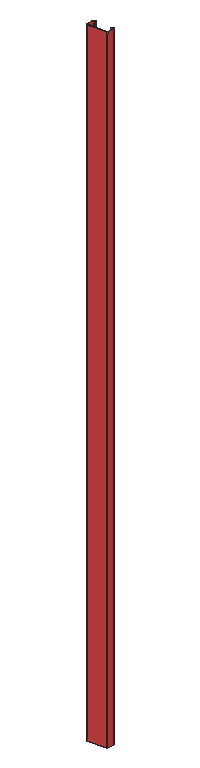
Revit family "CC column", category Structural Columns, Revit 2020
Family settings
  Section Shape = Not Defined
  Material for Model Behavior = Steel
  Always export as geometry = No
  Beam cutback in plan = From bounding box
  OmniClass Number = 23.25.30.11.14.11
  OmniClass Title = Columns
  Cut with Voids When Loaded = No
  Symbolic Representation = From Project Settings
  Shared = No
  Show family pre-cut in plan views = Yes
Parameters (values of type "CC 27")
  t1 = 1.20 mm
  W = 0
  Structural Material [instance] = Metal - Light Gauge RED
  Assembly Code = "B10"
  B = 90.00 mm
  D = 35.00 mm
  d = 11.00 mm
  A = 0.00 in²
Types (43, lengths in mm): name | t1 | B | D | d
  CC 18 | 1.20 | 90.00 | 35.00 | 11.00
  CC 20 | 1.20 | 90.00 | 35.00 | 11.00
  CC 24 | 1.20 | 90.00 | 35.00 | 11.00
  CC 44 | 1.20 | 90.00 | 35.00 | 11.00
  CC 21 | 1.20 | 90.00 | 35.00 | 11.00
  CC 17 | 1.20 | 90.00 | 35.00 | 11.00
  CC 26 | 1.20 | 90.00 | 35.00 | 11.00
  CC 30 | 1.20 | 90.00 | 35.00 | 11.00
  CC 25 | 1.20 | 90.00 | 35.00 | 11.00
  CC 34 | 1.20 | 90.00 | 35.00 | 11.00
  CC 35 | 1.20 | 90.00 | 35.00 | 11.00
  CC 38 | 1.20 | 90.00 | 35.00 | 11.00
  CC 39 | 1.20 | 90.00 | 35.00 | 11.00
  CC 31 | 1.20 | 90.00 | 35.00 | 11.00
  CC 33 | 1.20 | 90.00 | 35.00 | 11.00
  CC 1 | 2.00 | 150.00 | 75.00 | 20.00
  CC 5 | 2.00 | 150.00 | 75.00 | 20.00
  CC 9 | 2.00 | 150.00 | 75.00 | 20.00
  CC 11 | 2.00 | 150.00 | 75.00 | 20.00
  CC 14 | 2.00 | 150.00 | 75.00 | 20.00
  CC 15 | 2.00 | 150.00 | 75.00 | 20.00
  CC 40 | 2.00 | 150.00 | 75.00 | 20.00
  CC 42 | 2.00 | 150.00 | 75.00 | 20.00
  CC 41 | 2.00 | 150.00 | 75.00 | 20.00
  CC 7 | 1.20 | 220.00 | 75.00 | 20.00
  CC 29 | 1.20 | 90.00 | 35.00 | 11.00
  CC 32 | 1.20 | 90.00 | 35.00 | 11.00
  CC 43 | 1.20 | 230.00 | 75.00 | 20.00
  CC 2 | 2.00 | 150.00 | 75.00 | 20.00
  CC 4 | 2.00 | 150.00 | 75.00 | 20.00
  CC 8 | 2.00 | 150.00 | 75.00 | 20.00
  CC 22 | 1.20 | 90.00 | 35.00 | 11.00
  CC 6 | 2.00 | 150.00 | 75.00 | 20.00
  CC 10 | 2.00 | 150.00 | 75.00 | 20.00
  CC 16 | 2.00 | 150.00 | 75.00 | 20.00
  CC 23 | 1.20 | 90.00 | 35.00 | 11.00
  CC 12 | 2.00 | 150.00 | 75.00 | 20.00
  CC 3 | 1.20 | 50.00 | 35.00 | 11.00
  CC 19 | 1.20 | 90.00 | 35.00 | 11.00
  CC 36 | 1.20 | 90.00 | 35.00 | 11.00
  CC 37 | 1.20 | 90.00 | 35.00 | 11.00
  CC 28 | 1.20 | 90.00 | 35.00 | 11.00
  CC 27 | 1.20 | 90.00 | 35.00 | 11.00
Reference planes
  plane 1 "Center (Front/Back)": y = 0
  plane 2: z = 0
  plane 3 "Center (Left/Right)": x = 0
  plane 4 "Right": x = 45
  plane 5: y = 35
  plane 6: x = -34
  plane 7: x = 34
  plane 8 "Insertion(Left/Right)": x = 0
  plane 9 "2": x = -45
  plane 10: y = 0
Forms (mm)
  Extrusion 1, solid, material "Metal - Light Gauge RED" <- "Structural Material", detail levels medium
    sketch origin (-45, -20.637, 0) x (1, 0, 0) y (0, 1, 0)
      loop
        line (1.2, 54.438) -> (11, 54.438) -> (11, 55.638) -> (0, 55.638) -> (0, 20.638) -> (90, 20.638) -> (90, 55.638) -> (79, 55.638) -> (79, 54.438) -> (88.8, 54.438) -> (88.8, 21.838) -> (1.2, 21.838) -> (1.2, 54.438)
    from 0 to 2743.2
  Extrusion 2, solid, material "Metal - Light Gauge RED" <- "Structural Material", detail levels fine
    sketch origin (-45, -20.637, 0) x (1, 0, 0) y (0, 1, 0)
      loop
        arc (1.2, 52.85) -> (1.665, 53.973) -> (2.787, 54.438) r 1.588
        line (2.787, 54.438) -> (11, 54.438) -> (11, 55.638) -> (2.787, 55.638)
        arc (2.787, 55.638) -> (0.816, 54.821) -> (0, 52.85) r 2.788
        line (0, 52.85) -> (0, 23.425)
        arc (0, 23.425) -> (0.816, 21.454) -> (2.787, 20.638) r 2.787
        line (2.787, 20.638) -> (87.212, 20.638)
        arc (87.212, 20.638) -> (89.184, 21.454) -> (90, 23.425) r 2.787
        line (90, 23.425) -> (90, 52.85)
        arc (90, 52.85) -> (89.184, 54.821) -> (87.212, 55.638) r 2.788
        line (87.212, 55.638) -> (79, 55.638) -> (79, 54.438) -> (87.212, 54.438)
        arc (87.212, 54.438) -> (88.335, 53.973) -> (88.8, 52.85) r 1.588
        line (88.8, 52.85) -> (88.8, 23.425)
        arc (88.8, 23.425) -> (88.335, 22.302) -> (87.212, 21.838) r 1.588
        line (87.212, 21.838) -> (2.787, 21.838)
        arc (2.787, 21.838) -> (1.665, 22.302) -> (1.2, 23.425) r 1.587
        line (1.2, 23.425) -> (1.2, 52.85)
    from 0 to 2743.2
Lines and regions (mm)
  symbolic lines, style "Hidden Faces", detail levels medium+fine
    curve 1: line (1.2, 33.8, 2743.2) -> (1.2, 33.8, 0)
    curve 2: line (1.2, 1.2, 2743.2) -> (1.2, 1.2, 0)
    curve 3: line (1.2, 0, 2743.2) -> (1.2, 0, 0)
    curve 4: line (11, 0, 2743.2) -> (11, 0, 0)
    curve 5: line (88.8, 0, 2743.2) -> (88.8, 0, 0)
    curve 6: line (79, 0, 2743.2) -> (79, 0, 0)
  symbolic lines, style "StructuralColumnStickSymbols", detail levels coarse
    curve 7: line (-45, 0, 0) -> (-45, 35, 0)
    curve 8: line (-45, 0, 0) -> (45, 0, 0)
    curve 9: line (45, 0, 0) -> (45, 35, 0)
    curve 10: line (45, 35, 0) -> (34, 35, 0)
    curve 11: line (-45, 35, 0) -> (-34, 35, 0)
Dimensions and locks
  "t1": Extrusion 1 sketch curve to Extrusion 1 sketch curve  (x5)
  "t1": Extrusion 2 sketch curve to Extrusion 2 sketch curve  (x5)
  "d": plane 9 "2" to plane 6
  "d": plane 7 to plane 4 "Right"
  "B": plane 9 "2" to plane 4 "Right"
  "D": plane 10 to plane 5
  locked: Extrusion 2 sketch curve to Extrusion 2 sketch curve at 1.588  (x5)
  locked: Extrusion 2 sketch curve to Extrusion 2 sketch curve at 1.587  (x2)
  equal spacing: plane 6, plane 8 "Insertion(Left/Right)", plane 7
  aligned and locked: level to plane 2
  aligned and locked: level to curve 3  (x2)
  aligned and locked: level to curve 4  (x2)
  aligned and locked: level to curve 6  (x2)
  aligned and locked: level to curve 5  (x2)
  aligned and locked: level to curve 1  (x2)
  aligned and locked: level to curve 2  (x2)
  aligned and locked: Extrusion 2 to plane 4 "Right"
  aligned and locked: plane 5 to Extrusion 1 sketch curve  (x2)
  aligned and locked: Extrusion 1 sketch curve to plane 9 "2"
  aligned and locked: plane 4 "Right" to Extrusion 1 sketch curve
  aligned and locked: Extrusion 1 sketch curve to plane 10
  aligned and locked: Extrusion 1 sketch curve to plane 6
  aligned and locked: Extrusion 1 sketch curve to plane 7
  aligned and locked: curve 10 to plane 5
  aligned and locked: curve 9 to plane 4 "Right"
  aligned and locked: plane 5 to curve 11
  aligned and locked: Extrusion 2 sketch curve to plane 9 "2"
  aligned and locked: plane 5 to Extrusion 2 sketch curve
  aligned and locked: Extrusion 2 sketch curve to plane 5
  aligned and locked: plane 4 "Right" to Extrusion 2 sketch curve
  aligned and locked: Extrusion 2 sketch curve to plane 10
  aligned and locked: plane 6 to Extrusion 2 sketch curve
  aligned and locked: plane 7 to Extrusion 2 sketch curve
  aligned and locked: level to Extrusion 1
  aligned and locked: level to Extrusion 2
  aligned and locked: Extrusion 1 to level
  aligned and locked: Extrusion 2 to level
  aligned and locked: plane 10 to plane 1 "Center (Front/Back)"
  aligned and locked: plane 3 "Center (Left/Right)" to plane 8 "Insertion(Left/Right)"
Automatic sketch dimensions
  curve 11 to plane 6 = 0.00 mm
  curve 10 to plane 7 = 0.00 mm
  plane 3 "Center (Left/Right)" to curve 3 = 1.20 mm
  curve 3 to curve 4 = 9.80 mm
  curve 6 to plane 4 "Right" = 34.00 mm
  curve 6 to curve 5 = 9.80 mm
  Extrusion 2 sketch curve to Extrusion 2 sketch curve = 0.00 mm  (x4)
  curve 2 to plane 1 "Center (Front/Back)" = 1.20 mm
  curve 2 to curve 1 = 32.60 mm
  curve 7 to plane 3 "Center (Left/Right)" = 45.00 mm
  plane 1 "Center (Front/Back)" to curve 9 = 0.00 mm
